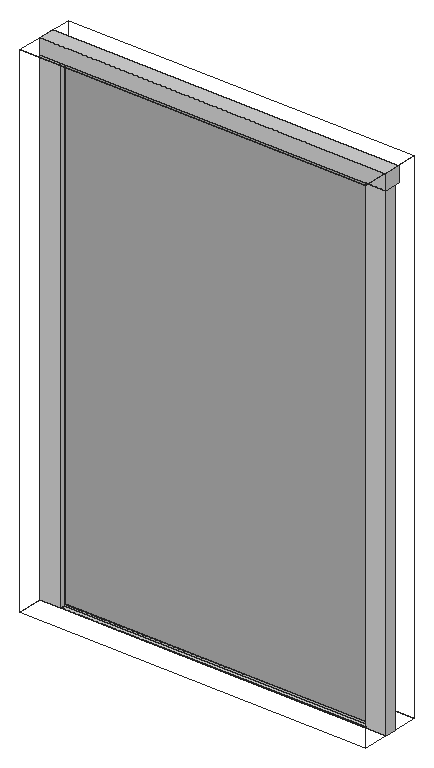
Revit family "DSI-600-Elevator-Smoke-Containment-Systems", category Doors, host Wall, Revit 2023
Family settings
  Host = Wall
  OmniClass Number = 23.30.60.17
  OmniClass Title = Fire and Smoke Shutters and Curtains
  Always vertical = Yes
  Cut with Voids When Loaded = No
  Shared = No
  Room Calculation Point = No
Parameters (values of type "Multiple Roller Over Under")
  Width [instance] = Clear Opening Width  # 5' - 0"
  Unit Width [instance] = Clear Opening Width + (0' 4" * 2)  # 5' - 8"
  Unit Height [instance] = Clear Opening Height + HeadBox_Height  # 8' - 0"
  URL = "https://www.doorsysinc.com/"
  Type Model Notes [instance] = if(and(or(Multiple Roller Side by Side, Multiple Roller Over Under), Clear Opening Height < 26' 0", Clear Opening Width < 26' 0", HeadBox_Height = 0' 0"), "See Single Roller Type", if(and(or(Multiple Roller Side by Side, Multiple Roller Over Under), Clear Opening Height > 26' 0", Clear Opening Width > 26' 0", HeadBox_Height = 0' 0"), "Custome Size-Contact Door Systems", if(and(not(or(Multiple Roller Side by Side, Multiple Roller Over Under)), or(Clear Opening Width > 16' 0", Clear Opening Width = 16' 0"), HeadBox_Height = 0' 0"), "See Multiple Roller Type", "As Specify")))  # "See Single Roller Type"
  Standards Conformance = "ICC  ;  UL 1784 S Label  ;  UL 864  ;  OSHPD  ;  LAFD High Rise"  # constant formula
  Specification = "http://www.arcat.com/sdspecs/htm04/08_34_00dsi.htm"
  SingleRollerHeaderCalc [instance] = if(and(Clear Opening Height < 12' 0", or(Clear Opening Width < 16' 0", Clear Opening Width = 16' 0")), 0' 9", if(and(or(Clear Opening Height > 12' 0", Clear Opening Height = 12' 0"), or(Clear Opening Height < 20' 0", Clear Opening Height = 20' 0"), or(Clear Opening Width < 12' 0", Clear Opening Width = 12' 0")), 0' 10", if(and(or(Clear Opening Height > 12' 0", Clear Opening Height = 12' 0"), or(Clear Opening Height < 16' 0", Clear Opening Height = 16' 0"), Clear Opening Width = 14' 0"), 0' 10", if(and(or(Clear Opening Height = 12' 0", Clear Opening Width = 16' 0")), 0' 10", 0' 0"))))  # 0' - 9"
  Rough Width = 0' - 0"
  Rough Height = 0' - 0"
  Product Page URL = "https://www.arcat.com/arcatcos/cos50/arc50183.html"
  Multiple Roller Side by Side = no
  Multiple Roller Over Under = yes
  MultiRollerSBSHeaderCalcH [instance] = if(and(Clear Opening Height < 11' 11", or(Clear Opening Width > 20' 0", Clear Opening Width = 20' 0"), or(Clear Opening Width < 26' 0", Clear Opening Width = 26' 0")), 0' 9", if(and(or(Clear Opening Height > 12' 0", Clear Opening Height = 12' 0"), or(Clear Opening Height < 16' 0", Clear Opening Height = 16' 0"), or(Clear Opening Width > 16' 0", Clear Opening Width = 16' 0"), or(Clear Opening Width < 26' 0", Clear Opening Width = 26' 0")), 0' 10", if(and(Clear Opening Height > 16' 0", or(Clear Opening Height < 20' 0", Clear Opening Height = 20' 0"), or(Clear Opening Width = 14' 0", or(Clear Opening Width < 26' 0", Clear Opening Width = 26' 0"))), 0' 10", if(and(or(Clear Opening Height > 24' 0", Clear Opening Height = 24' 0"), or(Clear Opening Height < 26' 0", Clear Opening Height = 26' 0"), or(Clear Opening Width = 10' 0", Clear Opening Width > 10' 0"), or(Clear Opening Width < 26' 0", Clear Opening Width = 26' 0")), 1' 0", 0' 0"))))  # 0' - 0"
  MultiRollerSBSHeaderCalcD [instance] = if(and(Clear Opening Height < 11' 11", or(Clear Opening Width > 20' 0", Clear Opening Width = 20' 0"), or(Clear Opening Width < 26' 0", Clear Opening Width = 26' 0")), 1' 3", if(and(or(Clear Opening Height > 12' 0", Clear Opening Height = 12' 0"), or(Clear Opening Height < 16' 0", Clear Opening Height = 16' 0"), or(Clear Opening Width > 16' 0", Clear Opening Width = 16' 0"), or(Clear Opening Width < 26' 0", Clear Opening Width = 26' 0")), 1' 6", if(and(Clear Opening Height > 16' 0", or(Clear Opening Height < 20' 0", Clear Opening Height = 20' 0"), or(Clear Opening Width = 14' 0", or(Clear Opening Width < 26' 0", Clear Opening Width = 26' 0"))), 1' 6", if(and(or(Clear Opening Height > 24' 0", Clear Opening Height = 24' 0"), or(Clear Opening Height < 26' 0", Clear Opening Height = 26' 0"), or(Clear Opening Width = 10' 0", Clear Opening Width > 10' 0"), or(Clear Opening Width < 26' 0", Clear Opening Width = 26' 0")), 1' 9", 0' 0"))))  # 0' - 0"
  MultiRollerSBSControl [instance] = if(and(Multiple Roller Side by Side, MultiRollerSBSHeaderCalcD > 0' 0"), ((MultiRollerSBSHeaderCalcD / 2) - 0' 1"), if(and(Multiple Roller Side by Side, MultiRollerSBSHeaderCalcD = 0' 0"), 0' 1", 0' 0"))  # 0' - 0"
  MultiRollerOUHeaderCalcH [instance] = if(and(Clear Opening Height < 11' 11", or(Clear Opening Width > 20' 0", Clear Opening Width = 20' 0"), or(Clear Opening Width < 26' 0", Clear Opening Width = 26' 0")), 1' 3", if(and(or(Clear Opening Height > 12' 0", Clear Opening Height = 12' 0"), or(Clear Opening Height < 16' 0", Clear Opening Height = 16' 0"), or(Clear Opening Width > 16' 0", Clear Opening Width = 16' 0"), or(Clear Opening Width < 26' 0", Clear Opening Width = 26' 0")), 1' 6", if(and(Clear Opening Height > 16' 0", or(Clear Opening Height < 20' 0", Clear Opening Height = 20' 0"), or(Clear Opening Width = 14' 0", or(Clear Opening Width < 26' 0", Clear Opening Width = 26' 0"))), 1' 6", if(and(or(Clear Opening Height > 24' 0", Clear Opening Height = 24' 0"), or(Clear Opening Height < 26' 0", Clear Opening Height = 26' 0"), or(Clear Opening Width = 10' 0", Clear Opening Width > 10' 0"), or(Clear Opening Width < 26' 0", Clear Opening Width = 26' 0")), 1' 9", 0' 0"))))  # 0' - 0"
  MultiRollerOUHeaderCalcD [instance] = if(and(Clear Opening Height < 11' 11", or(Clear Opening Width > 20' 0", Clear Opening Width = 20' 0"), or(Clear Opening Width < 26' 0", Clear Opening Width = 26' 0")), 0' 9", if(and(or(Clear Opening Height > 12' 0", Clear Opening Height = 12' 0"), or(Clear Opening Height < 16' 0", Clear Opening Height = 16' 0"), or(Clear Opening Width > 16' 0", Clear Opening Width = 16' 0"), or(Clear Opening Width < 26' 0", Clear Opening Width = 26' 0")), 0' 10", if(and(Clear Opening Height > 16' 0", or(Clear Opening Height < 20' 0", Clear Opening Height = 20' 0"), or(Clear Opening Width = 14' 0", or(Clear Opening Width < 26' 0", Clear Opening Width = 26' 0"))), 0' 10", if(and(or(Clear Opening Height > 24' 0", Clear Opening Height = 24' 0"), or(Clear Opening Height < 26' 0", Clear Opening Height = 26' 0"), or(Clear Opening Width = 10' 0", Clear Opening Width > 10' 0"), or(Clear Opening Width < 26' 0", Clear Opening Width = 26' 0")), 1' 0", 0' 0"))))  # 0' - 0"
  Mounting Method [instance] = "as Specified"
  Model = "DSI-600"  # constant formula
  Maximum Size [instance] = if(or(Multiple Roller Side by Side, Multiple Roller Over Under), "Over 16 ft Wide. Heights Above 10 ft Require Larger Head Clearances", "16 ft Wide. Heights Above 10 ft Require Larger Head Clearances")  # "Over 16 ft Wide. Heights Above 10 ft Require Larger Head Clearances"
  Manufacturer = "Door Systems"
  Keynote = "08 34 85"
  Invalid Model [instance] = (HeadBox_Height = 0' 0")  # yes
  Height [instance] = Clear Opening Height  # 8' - 0"
  HeadBox_Height [instance] = if(Multiple Roller Side by Side, MultiRollerSBSHeaderCalcH, if(Multiple Roller Over Under, MultiRollerOUHeaderCalcH, SingleRollerHeaderCalc))  # 0' - 0"
  HeadBox_Depth [instance] = if(Multiple Roller Side by Side, MultiRollerSBSHeaderCalcD, if(Multiple Roller Over Under, MultiRollerOUHeaderCalcD, SingleRollerHeaderCalc))  # 0' - 0"
  FrameDepth = 0' - 2"
  Frame Width = 0' - 4"
  Wall Closure = By host
  Fire Performance = "UL 10D 1 HR  ;  California Fire State Marshall"  # constant formula
  Define Thermal Properties by = Schematic Type
  Curtain Offset [instance] = 0' - 0"
  Frame Finish [instance] = Metal - Steel - Painted
  Description = "Elevator Smoke Containment System"  # constant formula
  CurtainDrop_Viz = yes
  Curtain Height [instance] = if(Curtain Closed, Clear Opening Height, 0' 0 1/8")  # 8' - 0"
  Curtain Finish [instance] = Fabric - DoorSystemsInc - Grey Smoke Curtain
  Curtain Closed [instance] = yes
  Copyright = "ARCAT 2022"  # constant formula
  Clear Opening Width [instance] = 5' - 0"
  Clear Opening Height [instance] = 8' - 0"
  CAD Details = "https://www.arcat.com/company/door-systems-50183/cad"
  Available Options [instance] = "as Specified"
  Auxiliary HeadBox_Height [instance] = if(HeadBox_Height = 0' 0", 0' 3", HeadBox_Height)  # 0' - 3"
  Auxiliary HeadBox_Depth [instance] = if(HeadBox_Depth = 0' 0", 0' 3", HeadBox_Depth)  # 0' - 3"
  Analytic Construction = "<None>"
Types (3): name | Width | Unit Width | Unit Height | Type Model Notes | SingleRollerHeaderCalc | Multiple Roller Side by Side | Multiple Roller Over Under | MultiRollerSBSHeaderCalcH | MultiRollerSBSHeaderCalcD | MultiRollerSBSControl | MultiRollerOUHeaderCalcH | MultiRollerOUHeaderCalcD | Maximum Size | Invalid Model | Height | HeadBox_Height | HeadBox_Depth | Curtain Height | Clear Opening Width | Clear Opening Height | Auxiliary HeadBox_Height | Auxiliary HeadBox_Depth
  Multiple Roller Side by Side | 20' - 0" | 20' - 8" | 16' - 10" | "As Specify" | 0' - 0" | yes | no | 0' - 10" | 1' - 6" | 0' - 8" | 1' - 6" | 0' - 10" | "Over 16 ft Wide. Heights Above 10 ft Require Larger Head Clearances" | no | 16' - 0" | 0' - 10" | 1' - 6" | 16' - 0" | 20' - 0" | 16' - 0" | 0' - 10" | 1' - 6"
  Multiple Roller Over Under | 5' - 0" | 5' - 8" | 8' - 0" | "See Single Roller Type" | 0' - 9" | no | yes | 0' - 0" | 0' - 0" | 0' - 0" | 0' - 0" | 0' - 0" | "Over 16 ft Wide. Heights Above 10 ft Require Larger Head Clearances" | yes | 8' - 0" | 0' - 0" | 0' - 0" | 8' - 0" | 5' - 0" | 8' - 0" | 0' - 3" | 0' - 3"
  Single Roller | 16' - 0" | 16' - 8" | 12' - 10" | "As Specify" | 0' - 10" | no | no | 0' - 10" | 1' - 6" | 0' - 0" | 1' - 6" | 0' - 10" | "16 ft Wide. Heights Above 10 ft Require Larger Head Clearances" | no | 12' - 0" | 0' - 10" | 0' - 10" | 12' - 0" | 16' - 0" | 12' - 0" | 0' - 10" | 0' - 10"
Reference planes (in)
  plane 1 "Center (Front/Back)": y = 0
  plane 2 "Center (Left/Right)": x = 0
  plane 3 "Left": x = -34
  plane 4 "Right": x = 34
  plane 5 "Top": z = 96
  plane 6 "Exterior": y = 3
  plane 7 "Interior": y = -3
  plane 8: z = 0
  plane 9: y = 3
  plane 10: z = 99
  plane 11 "DoorOffset": y = 4
  plane 12: y = 5
  plane 13 "Base Curtain": z = 0
  plane 14: y = 3
  plane 15: x = 30
  plane 16: x = -30
  plane 17: x = -31.25
  plane 18: x = 31.25
  plane 19: y = 1
Forms (in)
  Extrusion 1, solid, material "Fabric - DoorSystemsInc - Grey Smoke Curtain" <- "Curtain Finish"
    sketch origin (0, 0, 0) x (1, 0, 0) y (0, 1, 0)
      loop
        line (-31.25, 4.07812) -> (-31.25, 3.92187) -> (31.25, 3.92187) -> (31.25, 4.07812) -> (-31.25, 4.07812)
    from 0 to 96
  Sweep 2, solid, material "Metal - Steel - Painted" <- "Frame Finish"
    path origin (0, 0, 0) x (1, 0, 0) y (0, 0, 1)
      loop
        line (-34, 96) -> (34, 96)
    profile origin (0, 0, 96) x (0, 0, 1) y (0, -1, 0)
      loop
        line (3, -3) -> (0, -3) -> (0, -6) -> (3, -6) -> (3, -3)
  Sweep 3, solid, material "Metal - Steel - Painted" <- "Frame Finish"
    path origin (0, 0, 0) x (1, 0, 0) y (0, 0, 1)
      loop
        line (0, 0) -> (0, 96)
    profile origin (0, 0, 48) x (-1, 0, 0) y (0, -1, 0)
      loop
        line (-30, -3) -> (-34, -3) -> (-34, -5) -> (-30, -5) -> (-30, -4.125) -> (-31.25, -4.125) -> (-31.25, -3.875) -> (-30, -3.875) -> (-30, -3)
      loop
        line (30, -3) -> (30, -3.875) -> (31.25, -3.875) -> (31.25, -4.125) -> (30, -4.125) -> (30, -5) -> (34, -5) -> (34, -3) -> (30, -3)
  Sweep 4, solid, material "Metal - Steel - Painted" <- "Frame Finish", visible <- "CurtainDrop_Viz"
    path origin (0, 0, 0) x (1, 0, 0) y (0, 1, 0)
      loop
        line (30, 4) -> (-30, 4)
    profile origin (0, 4, 0) x (0, -1, 0) y (0, 0, 1)
      loop
        line (-0.07812, 0.5) -> (-0.20312, 0.5) -> (-0.20312, 0.125) -> (-1, 0.125) -> (-1, 0) -> (-0.07812, 0) -> (-0.07812, 0.5)
      loop
        line (0.07812, 0) -> (1, 0) -> (1, 0.125) -> (0.20312, 0.125) -> (0.20312, 0.5) -> (0.07812, 0.5) -> (0.07812, 0)
  Extrusion 5, solid, material "Error Material", visible <- "Invalid Model"
    sketch origin (0, 0, 0) x (1, 0, 0) y (0, 1, 0)
      loop
        line (-34, -2) -> (34, -2) -> (34, 10) -> (-34, 10) -> (-34, -2)
    from 0 to 99
Lines and regions (in)
  Opening 1
    outline origin (-6.31014, -3, 0) x (1, 0, 0) y (0, 0, 1)
      loop
        line (36.31014, 96) -> (-23.68986, 96) -> (-23.68986, 0) -> (36.31014, 0) -> (36.31014, 96)
Text (in)
  text "Exterior" at (-74.96733, 27.31104, 0), in view "Ref. Level"
  text "Interior" at (-74.96733, -25.14366, 0), in view "Ref. Level"
  text "Exterior" at (0, 40.15149, 123.01588), in view "Right"
  text "Interior" at (0, -64.39139, 123.01588), in view "Right"
  text "Interior" at (0, 15.98401, 123.00693), in view "Left"
  text "Exterior" at (0, 54.57065, 123.00693), in view "Left"
Dimensions and locks (in)
  equal spacing: plane 3 "Left", plane 2 "Center (Left/Right)", plane 4 "Right"
  "Unit Width": plane 3 "Left" to plane 4 "Right"
  Extrusion 1 sketch curve to Extrusion 1 sketch curve = 0' - 0 5/32"
  equal spacing: Extrusion 1 sketch curve, plane 11 "DoorOffset", Extrusion 1 sketch curve
  "FrameDepth": plane 9 to plane 12
  plane 8 to plane 10 = 8' - 3"
  "Curtain Height": plane 5 "Top" to plane 13 "Base Curtain"
  "Clear Opening Height": plane 5 "Top" to plane 8
  equal spacing: plane 12, plane 11 "DoorOffset", plane 9
  "MultiRollerSBSControl": plane 9 to plane 14
  equal spacing: plane 16, plane 2 "Center (Left/Right)", plane 15
  "Clear Opening Width": plane 16 to plane 15
  locked: plane 15 to plane 18 at 1.25
  locked: plane 17 to plane 16 at 1.25
  locked: Sweep 3 sketch curve to plane 16 at 1.25
  Sweep 3 sketch curve to plane 11 "DoorOffset" to Sweep 3 sketch curve = 0' - 0 1/8" locked, 0' - 0 1/8" locked
  locked: plane 15 to Sweep 3 sketch curve at 1.25
  "Curtain Offset": plane 9 to plane 6 "Exterior"
  Sweep 4 sketch curve to Sweep 4 sketch curve to plane 13 "Base Curtain" = 0' - 0 3/8" locked, 0' - 0 1/8" locked
  "FrameDepth": plane 6 "Exterior" to plane 19
  locked: plane 12 to Extrusion 5 sketch curve at 5
  locked: Extrusion 5 sketch curve to plane 9 at 5
  "Auxiliary HeadBox_Depth": Sweep 2 sketch curve to plane 14
  "Auxiliary HeadBox_Height": plane 5 "Top" to plane 10
  aligned and locked: plane 6 "Exterior" to host wall
  aligned and locked: host wall to plane 7 "Interior"
  aligned and locked: plane 8 to level
  aligned and locked: Extrusion 1 to plane 5 "Top"
  aligned and locked: plane 5 "Top" to Sweep 2 sketch curve  (x2)
  aligned and locked: plane 4 "Right" to Sweep 2 sketch curve
  aligned and locked: plane 3 "Left" to Sweep 2 sketch curve
  aligned and locked: plane 10 to Sweep 2 sketch curve
  aligned and locked: plane 14 to Sweep 2 sketch curve
  aligned and locked: Extrusion 1 sketch curve to plane 17
  aligned and locked: plane 18 to Extrusion 1 sketch curve
  aligned and locked: plane 2 "Center (Left/Right)" to Sweep 3 sketch curve
  aligned and locked: plane 13 "Base Curtain" to Sweep 3 sketch curve
  aligned and locked: plane 5 "Top" to Sweep 3 sketch curve
  aligned and locked: Sweep 3 sketch curve to plane 15  (x2)
  aligned and locked: Sweep 3 sketch curve to plane 12
  aligned and locked: Sweep 3 sketch curve to plane 9
  aligned and locked: Sweep 3 sketch curve to plane 4 "Right"
  aligned and locked: plane 16 to Sweep 3 sketch curve  (x2)
  aligned and locked: Sweep 3 sketch curve to plane 3 "Left"
  aligned and locked: Sweep 3 sketch curve to Sweep 3 sketch curve  (x2)
  aligned and locked: plane 1 "Center (Front/Back)" to host wall
  aligned and locked: Sweep 4 sketch curve to plane 11 "DoorOffset"
  aligned and locked: plane 16 to Sweep 4 sketch curve
  aligned and locked: plane 15 to Sweep 4 sketch curve
  aligned and locked: Extrusion 1 to Sweep 4 sketch curve  (x2)
  aligned and locked: Sweep 4 sketch curve to plane 13 "Base Curtain"  (x2)
  aligned and locked: Sweep 4 sketch curve to plane 12
  aligned and locked: Sweep 4 sketch curve to plane 9
  aligned and locked: Sweep 4 sketch curve to Sweep 4 sketch curve  (x2)
  aligned and locked: Extrusion 1 to plane 13 "Base Curtain"
  aligned and locked: plane 16 to Opening 1 sketch curve
  aligned and locked: Opening 1 sketch curve to plane 8
  aligned and locked: plane 15 to Opening 1 sketch curve
  aligned and locked: plane 5 "Top" to Opening 1 sketch curve
  aligned and locked: Extrusion 5 sketch curve to plane 3 "Left"
  aligned and locked: Extrusion 5 sketch curve to plane 4 "Right"
  aligned and locked: Extrusion 5 to plane 10
Automatic sketch dimensions
  Sweep 3 sketch curve to Sweep 3 sketch curve = 0' - 0 7/8"
  Sweep 3 sketch curve to Sweep 3 sketch curve = 0' - 2"
  profile plane to Sweep 4 sketch curve = 0' - 0 13/64"
  Sweep 4 sketch curve to Sweep 4 sketch curve = 0' - 0 1/8"
